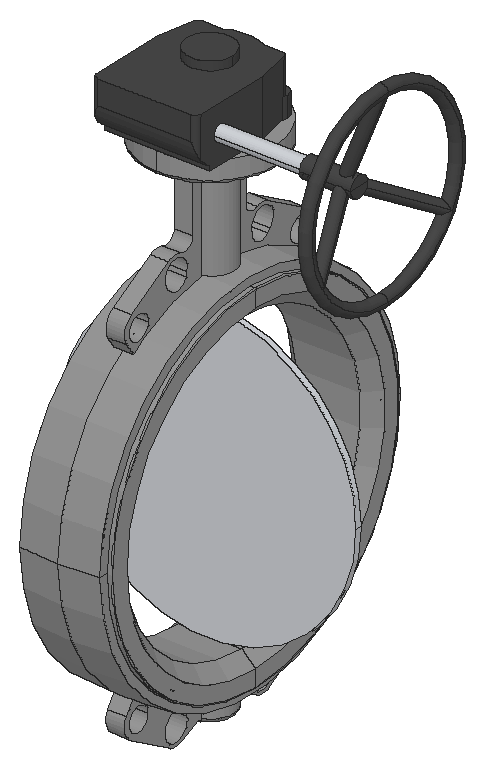
Revit family "Запорно-регулирующая заслонка с ручным редукторным приводом ZF-4219", category Rohrzubehör, Revit 2021 (continued)
Automatic sketch dimensions
  Extrusion 8 sketch curve to Extrusion 8 sketch curve = 29.859 mm
  Extrusion 8 sketch curve to Extrusion 8 sketch curve = 11.576 mm
  Extrusion 8 sketch curve to Extrusion 8 sketch curve = 0.007 mm  (x2)
  Extrusion 8 sketch curve to Extrusion 8 sketch curve = 11.662 mm  (x2)
  Extrusion 8 sketch curve to Extrusion 8 sketch curve = 7.405 mm
  Extrusion 8 sketch curve to Extrusion 8 sketch curve = 9.76 mm  (x2)
  Extrusion 8 sketch curve to Extrusion 8 sketch curve = 46.144 mm
  Extrusion 8 sketch curve to Extrusion 8 sketch curve = 0.006 mm
  Extrusion 8 sketch curve to Extrusion 8 sketch curve = 0.159 mm  (x2)
  Extrusion 8 sketch curve to Extrusion 8 sketch curve = 0.225 mm  (x2)
  Extrusion 8 sketch curve to Extrusion 8 sketch curve = 3.156 mm
  Extrusion 7 sketch curve to Extrusion 7 sketch curve = 0 mm  (x29)
  Extrusion 7 sketch curve to level = 0 mm
  Extrusion 7 sketch curve to plane 1 "Mitte (Vorne/hinten)" = 0 mm
  Extrusion 7 sketch curve to Extrusion 7 sketch curve = 4.987 mm  (x2)
  plane 1 "Mitte (Vorne/hinten)" to Extrusion 7 sketch curve = 42.642 mm
  Extrusion 7 sketch curve to Extrusion 7 sketch curve = 3.28 mm  (x2)
  Extrusion 7 sketch curve to Extrusion 7 sketch curve = 14.935 mm  (x2)
  Extrusion 7 sketch curve to Extrusion 7 sketch curve = 11.589 mm  (x2)
  Extrusion 7 sketch curve to Extrusion 7 sketch curve = 14.868 mm  (x2)
  Extrusion 7 sketch curve to Extrusion 7 sketch curve = 33.628 mm  (x4)
  Extrusion 7 sketch curve to Extrusion 7 sketch curve = 3.946 mm  (x4)
  Extrusion 7 sketch curve to Extrusion 7 sketch curve = 12.021 mm  (x8)
  Extrusion 7 sketch curve to Extrusion 7 sketch curve = 8.075 mm  (x8)
  plane 1 "Mitte (Vorne/hinten)" to Extrusion 7 sketch curve = 21.03 mm
  Extrusion 7 sketch curve to Extrusion 7 sketch curve = 5.5 mm
  Extrusion 7 sketch curve to Extrusion 7 sketch curve = 0.54 mm  (x2)
  Extrusion 7 sketch curve to Extrusion 7 sketch curve = 0.103 mm
  Extrusion 7 sketch curve to Extrusion 7 sketch curve = 1.99 mm  (x2)
  plane 1 "Mitte (Vorne/hinten)" to Extrusion 7 sketch curve = 18.5 mm
  Extrusion 7 sketch curve to plane 1 "Mitte (Vorne/hinten)" = 18.5 mm  (x2)
  Extrusion 7 sketch curve to Extrusion 7 sketch curve = 1.897 mm
  Extrusion 7 sketch curve to Extrusion 7 sketch curve = 2 mm
  Extrusion 7 sketch curve to Extrusion 7 sketch curve = 21.612 mm
  Extrusion 7 sketch curve to level = 59.454 mm  (x2)
  Extrusion 7 sketch curve to Extrusion 7 sketch curve = 10.049 mm  (x4)
  Extrusion 7 sketch curve to Extrusion 7 sketch curve = 20.666 mm  (x2)
  Extrusion 7 sketch curve to Extrusion 7 sketch curve = 1.725 mm  (x2)
  Extrusion 7 sketch curve to Extrusion 7 sketch curve = 12.438 mm  (x4)
  level to Extrusion 7 sketch curve = 59.454 mm  (x2)
  Extrusion 7 sketch curve to Extrusion 7 sketch curve = 15.768 mm  (x2)
  Extrusion 7 sketch curve to Extrusion 7 sketch curve = 0.361 mm  (x2)
  Extrusion 7 sketch curve to Extrusion 7 sketch curve = 69.242 mm
  Extrusion 7 sketch curve to Extrusion 7 sketch curve = 0.014 mm
  Extrusion 7 sketch curve to Extrusion 7 sketch curve = 0.29 mm  (x2)
  Extrusion 6 sketch curve to Extrusion 6 sketch curve = 0 mm  (x31)
  Extrusion 6 sketch curve to level = 0 mm
  Extrusion 6 sketch curve to plane 1 "Mitte (Vorne/hinten)" = 0 mm
  plane 1 "Mitte (Vorne/hinten)" to Extrusion 6 sketch curve = 18.5 mm  (x2)
  Extrusion 6 sketch curve to Extrusion 6 sketch curve = 1.897 mm  (x2)
  Extrusion 6 sketch curve to Extrusion 6 sketch curve = 2 mm
  Extrusion 6 sketch curve to Extrusion 6 sketch curve = 4.154 mm  (x2)
  Extrusion 6 sketch curve to Extrusion 6 sketch curve = 5.603 mm
  Extrusion 6 sketch curve to Extrusion 6 sketch curve = 12 mm  (x2)
  Extrusion 6 sketch curve to Extrusion 6 sketch curve = 21.682 mm  (x2)
  Extrusion 6 sketch curve to Extrusion 6 sketch curve = 2.182 mm  (x2)
  Extrusion 6 sketch curve to Extrusion 6 sketch curve = 11.109 mm  (x4)
  Extrusion 6 sketch curve to Extrusion 6 sketch curve = 30.529 mm  (x4)
  Extrusion 6 sketch curve to Extrusion 6 sketch curve = 4.781 mm  (x4)
  Extrusion 6 sketch curve to Extrusion 6 sketch curve = 1.414 mm  (x8)
  Extrusion 6 sketch curve to Extrusion 6 sketch curve = 7.24 mm  (x8)
  Extrusion 6 sketch curve to Extrusion 6 sketch curve = 12.021 mm  (x8)
  Extrusion 6 sketch curve to plane 1 "Mitte (Vorne/hinten)" = 18.5 mm
  Extrusion 6 sketch curve to Extrusion 6 sketch curve = 7.5 mm
  Extrusion 6 sketch curve to Extrusion 6 sketch curve = 0.103 mm
  Extrusion 6 sketch curve to level = 50.036 mm  (x2)
  Extrusion 6 sketch curve to Extrusion 6 sketch curve = 17.112 mm  (x2)
  Extrusion 6 sketch curve to Extrusion 6 sketch curve = 9.185 mm  (x4)
  Extrusion 6 sketch curve to Extrusion 6 sketch curve = 20.608 mm  (x2)
  Extrusion 6 sketch curve to Extrusion 6 sketch curve = 12.868 mm  (x3)
  Extrusion 6 sketch curve to Extrusion 6 sketch curve = 9.096 mm  (x2)
  level to Extrusion 6 sketch curve = 50.036 mm  (x2)
  Extrusion 6 sketch curve to Extrusion 6 sketch curve = 17 mm
  Extrusion 6 sketch curve to Extrusion 6 sketch curve = 56.845 mm
  Extrusion 6 sketch curve to Extrusion 6 sketch curve = 0.017 mm
  Extrusion 6 sketch curve to Extrusion 6 sketch curve = 0.29 mm  (x2)
  Extrusion 5 sketch curve to Extrusion 5 sketch curve = 0 mm  (x25)
  Extrusion 5 sketch curve to level = 0 mm
  Extrusion 5 sketch curve to plane 1 "Mitte (Vorne/hinten)" = 0 mm
  plane 1 "Mitte (Vorne/hinten)" to Extrusion 5 sketch curve = 18.5 mm  (x2)
  Extrusion 5 sketch curve to Extrusion 5 sketch curve = 0.579 mm  (x2)
  Extrusion 5 sketch curve to Extrusion 5 sketch curve = 1.897 mm  (x2)
  Extrusion 5 sketch curve to Extrusion 5 sketch curve = 0.103 mm
  Extrusion 5 sketch curve to Extrusion 5 sketch curve = 5.603 mm
  Extrusion 5 sketch curve to Extrusion 5 sketch curve = 15.942 mm  (x4)
  Extrusion 5 sketch curve to Extrusion 5 sketch curve = 13 mm  (x2)
  Extrusion 5 sketch curve to Extrusion 5 sketch curve = 11.367 mm  (x4)
  Extrusion 5 sketch curve to Extrusion 5 sketch curve = 25.663 mm  (x4)
  Extrusion 5 sketch curve to Extrusion 5 sketch curve = 4.027 mm  (x4)
  Extrusion 5 sketch curve to Extrusion 5 sketch curve = 12.021 mm  (x5)
  Extrusion 5 sketch curve to Extrusion 5 sketch curve = 9.55 mm  (x4)
  Extrusion 5 sketch curve to Extrusion 5 sketch curve = 7.5 mm
  Extrusion 5 sketch curve to plane 1 "Mitte (Vorne/hinten)" = 18.5 mm  (x2)
  Extrusion 5 sketch curve to Extrusion 5 sketch curve = 2 mm
  Extrusion 5 sketch curve to level = 38.887 mm  (x2)
  Extrusion 5 sketch curve to Extrusion 5 sketch curve = 10.986 mm  (x3)
  Extrusion 5 sketch curve to Extrusion 5 sketch curve = 10.231 mm  (x3)
  Extrusion 5 sketch curve to Extrusion 5 sketch curve = 10.467 mm  (x4)
  Extrusion 5 sketch curve to Extrusion 5 sketch curve = 12.18 mm  (x2)
  Extrusion 5 sketch curve to Extrusion 5 sketch curve = 12.641 mm  (x4)
  Extrusion 5 sketch curve to Extrusion 5 sketch curve = 9.983 mm  (x2)
  level to Extrusion 5 sketch curve = 38.887 mm  (x2)
  Extrusion 5 sketch curve to Extrusion 5 sketch curve = 21.217 mm
  Extrusion 5 sketch curve to Extrusion 5 sketch curve = 16.969 mm  (x2)
  Extrusion 5 sketch curve to Extrusion 5 sketch curve = 51.117 mm
  Extrusion 5 sketch curve to Extrusion 5 sketch curve = 0.01 mm
  Extrusion 5 sketch curve to Extrusion 5 sketch curve = 0.29 mm  (x2)
  level to Extrusion 5 sketch curve = 49.873 mm
  Extrusion 4 sketch curve to Extrusion 4 sketch curve = 0 mm  (x28)
  Extrusion 4 sketch curve to level = 0 mm
  Extrusion 4 sketch curve to plane 1 "Mitte (Vorne/hinten)" = 0 mm
  plane 1 "Mitte (Vorne/hinten)" to Extrusion 4 sketch curve = 18.5 mm  (x2)
  Extrusion 4 sketch curve to Extrusion 4 sketch curve = 1.897 mm  (x2)
  Extrusion 4 sketch curve to Extrusion 4 sketch curve = 0.103 mm  (x2)
  Extrusion 4 sketch curve to Extrusion 4 sketch curve = 5.603 mm  (x2)
  Extrusion 4 sketch curve to Extrusion 4 sketch curve = 12.115 mm  (x4)
  Extrusion 4 sketch curve to Extrusion 4 sketch curve = 9 mm  (x2)
  Extrusion 4 sketch curve to Extrusion 4 sketch curve = 11.39 mm  (x2)
  Extrusion 4 sketch curve to Extrusion 4 sketch curve = 7.005 mm  (x2)
  Extrusion 4 sketch curve to Extrusion 4 sketch curve = 22.772 mm  (x4)
  Extrusion 4 sketch curve to Extrusion 4 sketch curve = 4.597 mm  (x4)
  Extrusion 4 sketch curve to Extrusion 4 sketch curve = 1.485 mm  (x4)
  Extrusion 4 sketch curve to Extrusion 4 sketch curve = 12.021 mm  (x4)
  Extrusion 4 sketch curve to Extrusion 4 sketch curve = 9.247 mm  (x4)
  Extrusion 4 sketch curve to plane 1 "Mitte (Vorne/hinten)" = 18.5 mm  (x2)
  Extrusion 4 sketch curve to level = 31.935 mm  (x2)
  Extrusion 4 sketch curve to Extrusion 4 sketch curve = 1.34 mm  (x4)
  Extrusion 4 sketch curve to Extrusion 4 sketch curve = 10.245 mm  (x4)
  Extrusion 4 sketch curve to Extrusion 4 sketch curve = 9.866 mm  (x4)
  Extrusion 4 sketch curve to Extrusion 4 sketch curve = 9.447 mm  (x4)
  Extrusion 4 sketch curve to Extrusion 4 sketch curve = 11.077 mm  (x4)
  Extrusion 4 sketch curve to Extrusion 4 sketch curve = 11.926 mm  (x2)
  level to Extrusion 4 sketch curve = 31.935 mm  (x2)
  Extrusion 4 sketch curve to Extrusion 4 sketch curve = 12.62 mm  (x2)
  Extrusion 4 sketch curve to Extrusion 4 sketch curve = 12.99 mm  (x2)
  Extrusion 4 sketch curve to Extrusion 4 sketch curve = 41.354 mm
  Extrusion 4 sketch curve to Extrusion 4 sketch curve = 0.018 mm
  Extrusion 4 sketch curve to Extrusion 4 sketch curve = 0.29 mm  (x2)
  Extrusion 3 sketch curve to Extrusion 3 sketch curve = 0 mm  (x23)
  Extrusion 3 sketch curve to level = 0 mm
  Extrusion 3 sketch curve to plane 1 "Mitte (Vorne/hinten)" = 0 mm
  plane 1 "Mitte (Vorne/hinten)" to Extrusion 3 sketch curve = 18 mm
  Extrusion 3 sketch curve to Extrusion 3 sketch curve = 1.897 mm  (x2)
  Extrusion 3 sketch curve to Extrusion 3 sketch curve = 0.103 mm  (x2)
  plane 1 "Mitte (Vorne/hinten)" to Extrusion 3 sketch curve = 22.391 mm
  Extrusion 3 sketch curve to Extrusion 3 sketch curve = 1.414 mm  (x14)
  Extrusion 3 sketch curve to Extrusion 3 sketch curve = 6.103 mm  (x2)
  Extrusion 3 sketch curve to Extrusion 3 sketch curve = 2 mm  (x2)
  Extrusion 3 sketch curve to Extrusion 3 sketch curve = 7.709 mm  (x4)
  Extrusion 3 sketch curve to Extrusion 3 sketch curve = 13.318 mm  (x5)
  Extrusion 3 sketch curve to Extrusion 3 sketch curve = 15.842 mm  (x5)
  Extrusion 3 sketch curve to Extrusion 3 sketch curve = 10.233 mm
  Extrusion 3 sketch curve to Extrusion 3 sketch curve = 3.184 mm  (x7)
  Extrusion 3 sketch curve to Extrusion 3 sketch curve = 6.315 mm  (x8)
  Extrusion 3 sketch curve to Extrusion 3 sketch curve = 3.021 mm  (x4)
  Extrusion 3 sketch curve to Extrusion 3 sketch curve = 5.303 mm  (x8)
  Extrusion 3 sketch curve to level = 23.805 mm  (x2)
  Extrusion 3 sketch curve to Extrusion 3 sketch curve = 3.106 mm  (x6)
  level to Extrusion 3 sketch curve = 23.805 mm  (x2)
  Extrusion 3 sketch curve to Extrusion 3 sketch curve = 6.654 mm  (x4)
  Extrusion 3 sketch curve to Extrusion 3 sketch curve = 9.77 mm  (x4)
  Extrusion 3 sketch curve to plane 1 "Mitte (Vorne/hinten)" = 18 mm
  Extrusion 3 sketch curve to plane 1 "Mitte (Vorne/hinten)" = 22.391 mm
  Extrusion 3 sketch curve to Extrusion 3 sketch curve = 5.708 mm  (x2)
  Extrusion 3 sketch curve to Extrusion 3 sketch curve = 3.131 mm
  level to Extrusion 3 sketch curve = 42.831 mm
  Extrusion 3 sketch curve to Extrusion 3 sketch curve = 4.045 mm
  Extrusion 3 sketch curve to Extrusion 3 sketch curve = 12.379 mm
  Extrusion 3 sketch curve to Extrusion 3 sketch curve = 68.43 mm
  Extrusion 3 sketch curve to Extrusion 3 sketch curve = 0.003 mm
  Extrusion 3 sketch curve to Extrusion 3 sketch curve = 0.316 mm  (x2)
  curve 12 to level = 0 mm
  curve 12 to plane 3 "Mitte (Links/rechts)" = 0 mm
  plane 1 "Mitte (Vorne/hinten)" to curve 6 = 0 mm
  curve 6 to plane 3 "Mitte (Links/rechts)" = 0 mm
  Revolve 1 sketch curve to plane 1 "Mitte (Vorne/hinten)" = 0 mm
  Revolve 1 sketch curve to Revolve 1 sketch curve = 0.987 mm
  Revolve 1 sketch curve to Revolve 1 sketch curve = 1.5 mm  (x4)
  Revolve 1 sketch curve to Revolve 1 sketch curve = 0.513 mm
  Revolve 1 sketch curve to Revolve 1 sketch curve = 0.915 mm  (x2)
  Revolve 1 sketch curve to Revolve 1 sketch curve = 1978.5 mm  (x2)
  Revolve 11 sketch curve to plane 1 "Mitte (Vorne/hinten)" = 0 mm  (x2)
  Revolve 11 sketch curve to Revolve 11 sketch curve = 3 mm
  Revolve 11 sketch curve to Revolve 11 sketch curve = 459.992 mm
  level to Revolve 11 sketch curve = 2741.474 mm
  Revolve 12 sketch curve to plane 1 "Mitte (Vorne/hinten)" = 0 mm  (x3)
  Revolve 12 sketch curve to Revolve 12 sketch curve = 1.895 mm
  Revolve 12 sketch curve to Revolve 12 sketch curve = 2 mm  (x2)
  Revolve 12 sketch curve to Revolve 12 sketch curve = 0.105 mm
  Revolve 12 sketch curve to level = 520.992 mm
  Revolve 12 sketch curve to Revolve 12 sketch curve = 2616.474 mm
  Revolve 13 sketch curve to level = 0 mm
  Revolve 13 sketch curve to Revolve 13 sketch curve = 1.492 mm
  Revolve 13 sketch curve to Revolve 13 sketch curve = 0.18 mm  (x2)
  Revolve 13 sketch curve to Revolve 13 sketch curve = 5.027 mm
  Revolve 13 sketch curve to Revolve 13 sketch curve = 1 mm
  Revolve 13 sketch curve to Revolve 13 sketch curve = 0.999 mm  (x2)
  Revolve 13 sketch curve to Revolve 13 sketch curve = 0.27 mm
  Revolve 13 sketch curve to Revolve 13 sketch curve = 0.957 mm
  Revolve 13 sketch curve to Revolve 13 sketch curve = 1328.99 mm
  Revolve 13 sketch curve to Revolve 13 sketch curve = 1875.983 mm
  Extrusion 14 sketch curve to level = 0 mm
  Extrusion 14 sketch curve to plane 3 "Mitte (Links/rechts)" = 0 mm
  radius of Extrusion 10 sketch curve = 12 mm  (x4)
  radius of Extrusion 9 sketch curve = 9.5 mm  (x4)
  radius of Extrusion 9 sketch curve = 14 mm  (x4)
  radius of Extrusion 7 sketch curve = 11.5 mm  (x4)
  radius of Extrusion 7 sketch curve = 9.5 mm  (x4)
  radius of Extrusion 6 sketch curve = 9.5 mm  (x8)
  radius of Extrusion 5 sketch curve = 9.5 mm  (x8)
  radius of Extrusion 4 sketch curve = 9.5 mm  (x8)
  radius of curve 12 = 7 mm
  radius of curve 6 = 5 mm
Nested families
  nested 1: "Herz-Logo-vorne" at (-23, 0, 197.5), type "Herz-Logo-vorne"
  nested 2: "Getriebe für Klappe DN50-DN200" at (0, 0, 125), visible <- "DN 50", type "Getriebe für Klappe DN50-DN200"
  nested 3: "Getriebe für Klappe DN50-DN200" at (0, 0, 149.5), visible <- "DN 65", type "Getriebe für Klappe DN50-DN200"
  nested 4: "Getriebe für Klappe DN50-DN200" at (0, 0, 156.5), visible <- "DN 80", type "Getriebe für Klappe DN50-DN200"
  nested 5: "Getriebe für Klappe DN50-DN200" at (0, 0, 182), visible <- "DN100", type "Getriebe für Klappe DN50-DN200"
  nested 6: "Getriebe für Klappe DN50-DN200" at (0, 0, 201), visible <- "DN125", type "Getriebe für Klappe DN50-DN200"
  nested 7: "Getriebe für Klappe DN50-DN200" at (0, 0, 214), visible <- "DN150", type "Getriebe für Klappe DN50-DN200"
  nested 8: "Getriebe für Klappe DN50-DN200" at (0, 0, 245), visible <- "DN200", type "Getriebe für Klappe DN50-DN200"
  nested 9: "Getriebe für Klappe DN250-DN300" at (0, 0, 283), visible <- "DN250", type "Getriebe für Klappe DN250-DN300"
  nested 10: "Getriebe für Klappe DN250-DN300" at (0, 0, 308), visible <- "DN300", type "Getriebe für Klappe DN250-DN300"
Connectors
  piping at (44.7, 0, 0), diameter 300, driven by "Nennweite"
    settings: on Revolve 13, index 1, connector inside diameter 609.6 mm, connector length 0 mm, flow factor 0, pipe flow 0.0 L/s, pressure drop 0.0 Pa, fitting loss kfactor 0, connector angle 0.00°, fixture units 0, engagement length 0 mm, angle of deflection 0.00°, flow configuration 0, flow direction 0, fitting loss method 0, system type 29, joint type 0, gender type 0, connector reference index -1, connector utility 0, adjustable connector no, is connector primary yes, connector description ""
  piping at (-44.7, 0, 0), diameter 300, driven by "Nennweite"
    settings: on Revolve 13, index 2, connector inside diameter 609.6 mm, connector length 0 mm, flow factor 0, pipe flow 0.0 L/s, pressure drop 0.0 Pa, fitting loss kfactor 0, connector angle 0.00°, fixture units 0, engagement length 0 mm, angle of deflection 0.00°, flow configuration 0, flow direction 0, fitting loss method 0, system type 29, joint type 0, gender type 0, connector reference index -1, connector utility 0, adjustable connector no, is connector primary no, connector description ""
Definition of nested family "Herz-Logo-vorne"
  Parameters (values of type "Herz-Logo-vorne")
    Default Elevation = 0 mm
  Reference planes
    plane 1 "Mitte (Vorne/hinten)": y = 0
    plane 2: z = 0
    plane 3 "Mitte (Links/rechts)": x = 0
  Forms (mm)
    Extrusion 1, solid
      sketch origin (0.732, -0.018, 0.017) x (0, -1, 0) y (0, 0, 1)
        loop
          line (-0.018, -4.517) -> (4.482, -4.517) -> (4.482, 4.483) -> (-4.518, 4.483) -> (-4.518, -4.517) -> (-0.018, -4.517)
        loop
          line (-0.05, -3.48) -> (3.482, -3.48) -> (3.482, 3.483) -> (-3.518, 3.483) -> (-3.518, -3.48) -> (-0.05, -3.48)
        loop
          arc (-0.018, 2.383) -> (-1.543, 3.287) -> (-3.067, 2.383) r 1.738
          arc (-3.067, 2.383) -> (-3.191, 1.899) -> (-3.067, 1.415) r 1.009
          line (-3.067, 1.415) -> (-0.018, -3.281) -> (3.032, 1.415)
          arc (3.032, 1.415) -> (3.156, 1.899) -> (3.032, 2.383) r 1.009
          arc (3.032, 2.383) -> (1.507, 3.287) -> (-0.018, 2.383) r 1.738
        loop
          arc (1.885, 1.272) -> (2.005, 1.675) -> (1.885, 2.079) r 0.74
          arc (1.885, 2.079) -> (1.265, 2.416) -> (0.644, 2.079) r 0.74
          line (0.644, 2.079) -> (-0.018, 0.97) -> (-0.679, 2.079)
          arc (-0.679, 2.079) -> (-1.3, 2.416) -> (-1.921, 2.079) r 0.74
          arc (-1.921, 2.079) -> (-2.04, 1.675) -> (-1.921, 1.272) r 0.74
          line (-1.921, 1.272) -> (-0.018, -1.658) -> (1.885, 1.272)
      from 0 to 1.5
  Dimensions and locks
    aligned and locked: level to plane 2
Definition of nested family "Getriebe für Klappe DN50-DN200"
  Parameters (values of type "Getriebe für Klappe DN50-DN200")
    W01 = 11.19°  # constant formula
    Default Elevation = 0 mm
    URL = "www.herz-armaturen.at"
    R07 = 92 mm  # constant formula
    R06 = 6 mm  # constant formula
    R05 = 10 mm  # constant formula
    R04 = 7.5 mm  # constant formula
    R03 = 10.5 mm  # constant formula
    R02 = 5.4 mm  # constant formula
    R01 = 44.9 mm  # constant formula
    M01 = 37 mm  # constant formula
    L03 = 52 mm  # constant formula
    L02 = 39.6 mm  # constant formula
    L01 = 80 mm  # constant formula
    Manufacturer = "Herz-Armaturen GmbH"  # constant formula
    H03 = 28.6 mm  # constant formula
    H02 = 20 mm  # constant formula
    H01 = 54 mm  # constant formula
    B05 = 209 mm  # constant formula
    B04 = 22 mm  # constant formula
    B03 = 50 mm  # constant formula
    B02 = 159 mm  # constant formula
    B01 = 51 mm  # constant formula
    A01 = 28.6 mm  # constant formula
  Reference planes
    plane 1 "Mitte (Vorne/hinten)": y = 0
    plane 2: z = 0
    plane 3 "Mitte (Links/rechts)": x = 0
  Forms (mm)
    Extrusion 1, solid, detail levels fine
      sketch origin (0, 0, 0) x (1, 0, 0) y (0, 1, 0)
        loop
          line (51, 0) -> (43.999, 35.392)
          arc (43.999, 35.392) -> (42.103, 38.419) -> (38.732, 39.6) r 5.4
          line (38.732, 39.6) -> (20.252, 39.6)
          arc (20.252, 39.6) -> (0, 44.427) -> (-20.252, 39.6) r 44.9
          line (-20.252, 39.6) -> (-38.732, 39.6)
          arc (-38.732, 39.6) -> (-42.103, 38.419) -> (-43.999, 35.392) r 5.4
          line (-43.999, 35.392) -> (-51, 0) -> (-51, -74.6)
          arc (-51, -74.6) -> (-49.418, -78.418) -> (-45.6, -80) r 5.4
          line (-45.6, -80) -> (45.6, -80)
          arc (45.6, -80) -> (49.418, -78.418) -> (51, -74.6) r 5.4
          line (51, -74.6) -> (51, 0)
      from 0 to 54
    Extrusion 2, solid, detail levels fine
      sketch origin (0, 0, 0) x (1, 0, 0) y (0, 1, 0)
        loop
          circle (-35.7, 37) r 10.5
        loop
          circle (35.7, 37) r 10.5
      from 0 to 20
    Extrusion 3, void
      sketch origin (0, 0, 0) x (0, 1, 0) y (0, 0, 1)
        loop
          line (-80, 0) -> (-64.573, 0) -> (-64.573, 4.9)
          arc (-64.573, 4.9) -> (-75.841, 15.433) -> (-80, 30.286) r 28.6
          line (-80, 30.286) -> (-80, 0)
      from -51 to 51
    Revolve 4, solid, detail levels fine
      sketch origin (0, 0, 28.6) x (1, 0, 0) y (0, 1, 0)
        loop
          line (0, -52) -> (0, -59.5) -> (159, -59.5) -> (159, -52) -> (0, -52)
        axis (0, -52) -> (159, -52)
      angle from 0 to 360
    Extrusion 5, solid, detail levels fine
      sketch origin (0, 0, 0) x (1, 0, 0) y (0, 1, 0)
        loop
          circle (0, 0) r 22.3
      from 54 to 63
    Revolve 6, solid, detail levels fine
      sketch origin (0, -52, 28.6) x (1, 0, 0) y (0, 0, 1)
        loop
          circle (209, 92) r 6
        axis (203, 0) -> (215, 0)
      angle from 0 to 360
    Revolve 7, solid, detail levels fine
      sketch origin (0, -52, 0) x (1, 0, 0) y (0, 0, 1)
        loop
          line (209, 120.6) -> (172, 28.6) -> (177.567, 26.361) -> (214.567, 118.361) -> (209, 120.6)
        axis (172, 28.6) -> (209, 120.6)
      angle from 0 to 360
    Revolve 8, solid, detail levels fine
      sketch origin (0, 0, 28.6) x (1, 0, 0) y (0, 1, 0)
        loop
          line (137, -59.5) -> (137, -62) -> (187, -62) -> (187, -52) -> (159, -52) -> (159, -59.5) -> (137, -59.5)
        axis (137, -52) -> (187, -52)
      angle from 0 to 360
    Revolve 9, solid, detail levels fine
      sketch origin (0, -27.232, 42.9) x (1, 0, 0) y (0, -0.866025, -0.5)
        loop
          line (209, 120.6) -> (172, 28.6) -> (177.567, 26.361) -> (214.567, 118.361) -> (209, 120.6)
        axis (172, 28.6) -> (209, 120.6)
      angle from 0 to 360
    Revolve 10, solid, detail levels fine
      sketch origin (0, -76.768, 42.9) x (1, 0, 0) y (0, 0.866025, -0.5)
        loop
          line (209, 120.6) -> (172, 28.6) -> (177.567, 26.361) -> (214.567, 118.361) -> (209, 120.6)
        axis (172, 28.6) -> (209, 120.6)
      angle from 0 to 360
  Cuts and joins
    Extrusion 3 cuts Extrusion 1
  Dimensions and locks
    "B01": Extrusion 1 sketch curve to plane 3 "Mitte (Links/rechts)"
    "B01": plane 3 "Mitte (Links/rechts)" to Extrusion 1 sketch curve
    "L02": plane 1 "Mitte (Vorne/hinten)" to Extrusion 1 sketch curve  (x2)
    "L01": Extrusion 1 sketch curve to plane 1 "Mitte (Vorne/hinten)"
    "M01": plane 1 "Mitte (Vorne/hinten)" to Extrusion 2 sketch curve  (x2)
    "H01": Extrusion 1 to plane 2
    "H02": Extrusion 2 to plane 2
    "L03": Revolve 4 sketch curve to plane 1 "Mitte (Vorne/hinten)"
    "R04": Revolve 4 sketch curve to Revolve 4 sketch curve
    "B02": Revolve 4 sketch curve to Revolve 4 sketch curve
    "H03": Revolve 8 to plane 2
    "H03": Revolve 4 to plane 2
    "L03": Revolve 8 sketch curve to plane 1 "Mitte (Vorne/hinten)"
    "B02": plane 3 "Mitte (Links/rechts)" to Revolve 8 sketch curve
    "R05": Revolve 8 sketch curve to Revolve 8 sketch curve
    "B03": Revolve 8 sketch curve to Revolve 8 sketch curve
    "B04": Revolve 8 sketch curve to Revolve 8 sketch curve
    "R04": Revolve 8 sketch curve to Revolve 8 sketch curve
    "B05": Revolve 6 sketch curve to plane 3 "Mitte (Links/rechts)"
    "R07": Revolve 6 sketch curve to Revolve 6 sketch curve
    "A01": plane 2 to Revolve 6 sketch curve
    "R02": radius of Extrusion 1 sketch curve  (x4)
    "R01": radius of Extrusion 1 sketch curve
    "R03": radius of Extrusion 2 sketch curve  (x2)
    "R06": radius of Revolve 6 sketch curve
    "W01": angle Extrusion 1 sketch curve to Extrusion 1 sketch curve  (x2)
    aligned and locked: level to plane 2
  Automatic sketch dimensions
    Extrusion 3 sketch curve to level = 0 mm
    plane 1 "Mitte (Vorne/hinten)" to Extrusion 3 sketch curve = 80 mm
    Extrusion 3 sketch curve to Extrusion 3 sketch curve = 15.427 mm
    Extrusion 3 sketch curve to Extrusion 3 sketch curve = 13.173 mm
    level to Extrusion 3 sketch curve = 4.9 mm
    plane 1 "Mitte (Vorne/hinten)" to Extrusion 5 sketch curve = 0 mm
    Extrusion 5 sketch curve to plane 3 "Mitte (Links/rechts)" = 0 mm
    level to Revolve 7 sketch curve = 28.6 mm  (x2)
    plane 3 "Mitte (Links/rechts)" to Revolve 7 sketch curve = 172 mm
    level to Revolve 7 sketch curve = 26.361 mm
    Revolve 7 sketch curve to Revolve 7 sketch curve = 5.567 mm
    level to Revolve 7 sketch curve = 120.6 mm
    Revolve 7 sketch curve to Revolve 7 sketch curve = 0 mm  (x3)
    plane 3 "Mitte (Links/rechts)" to Revolve 10 sketch curve = 172 mm
    Revolve 10 sketch curve to Revolve 10 sketch curve = 5.567 mm
    Revolve 10 sketch curve to Revolve 10 sketch curve = 37 mm
    Revolve 10 sketch curve to Revolve 10 sketch curve = 2.239 mm
    Revolve 10 sketch curve to Revolve 10 sketch curve = 0 mm  (x4)
    plane 3 "Mitte (Links/rechts)" to Revolve 9 sketch curve = 172 mm
    Revolve 9 sketch curve to Revolve 9 sketch curve = 5.567 mm
    Revolve 9 sketch curve to Revolve 9 sketch curve = 37 mm
    Revolve 9 sketch curve to Revolve 9 sketch curve = 2.239 mm
    Revolve 9 sketch curve to Revolve 9 sketch curve = 0 mm  (x4)
    Extrusion 1 sketch curve to plane 3 "Mitte (Links/rechts)" = 0 mm
    plane 1 "Mitte (Vorne/hinten)" to Extrusion 1 sketch curve = 0 mm  (x2)
    Extrusion 1 sketch curve to plane 1 "Mitte (Vorne/hinten)" = 35.392 mm
    Extrusion 1 sketch curve to Extrusion 1 sketch curve = 18.48 mm  (x2)
    Extrusion 2 sketch curve to plane 3 "Mitte (Links/rechts)" = 35.7 mm
    plane 3 "Mitte (Links/rechts)" to Extrusion 2 sketch curve = 35.7 mm
    Revolve 4 sketch curve to plane 3 "Mitte (Links/rechts)" = 0 mm  (x2)
    Revolve 4 sketch curve to Revolve 4 sketch curve = 0 mm  (x2)
    Revolve 6 sketch curve to plane 3 "Mitte (Links/rechts)" = 1506.53 mm
    Revolve 6 sketch curve to Revolve 6 sketch curve = 1630.148 mm
    Revolve 8 sketch curve to Revolve 8 sketch curve = 7.5 mm
    Revolve 8 sketch curve to Revolve 8 sketch curve = 0 mm  (x2)
    radius of Extrusion 5 sketch curve = 22.3 mm
Definition of nested family "Getriebe für Klappe DN250-DN300"
  Parameters (values of type "Getriebe für Klappe DN250-DN300")
    W01 = 11.19°  # constant formula
    Default Elevation = 0 mm
    URL = "www.herz-armaturen.at"
    R07 = 92 mm  # constant formula
    R06 = 6 mm  # constant formula
    R05 = 10 mm  # constant formula
    R04 = 7.5 mm  # constant formula
    R03 = 10.5 mm  # constant formula
    R02 = 5.4 mm  # constant formula
    R01 = 44.9 mm  # constant formula
    M01 = 37 mm  # constant formula
    L03 = 52 mm  # constant formula
    L02 = 39.6 mm  # constant formula
    L01 = 80 mm  # constant formula
    Manufacturer = "Herz-Armaturen GmbH"  # constant formula
    H03 = 28.6 mm  # constant formula
    H02 = 20 mm  # constant formula
    H01 = 54 mm  # constant formula
    B05 = 209 mm  # constant formula
    B04 = 22 mm  # constant formula
    B03 = 50 mm  # constant formula
    B02 = 159 mm  # constant formula
    B01 = 51 mm  # constant formula
    A01 = 28.6 mm  # constant formula
  Reference planes
    plane 1 "Mitte (Vorne/hinten)": y = 0
    plane 2: z = 0
    plane 3 "Mitte (Links/rechts)": x = 0
  Forms (mm)
    Extrusion 1, solid, detail levels fine
      sketch origin (0, 0, 0) x (1, 0, 0) y (0, 1, 0)
        loop
          line (51, 0) -> (43.999, 35.392)
          arc (43.999, 35.392) -> (42.103, 38.419) -> (38.732, 39.6) r 5.4
          line (38.732, 39.6) -> (20.252, 39.6)
          arc (20.252, 39.6) -> (0, 44.427) -> (-20.252, 39.6) r 44.9
          line (-20.252, 39.6) -> (-38.732, 39.6)
          arc (-38.732, 39.6) -> (-42.103, 38.419) -> (-43.999, 35.392) r 5.4
          line (-43.999, 35.392) -> (-51, 0) -> (-51, -74.6)
          arc (-51, -74.6) -> (-49.418, -78.418) -> (-45.6, -80) r 5.4
          line (-45.6, -80) -> (45.6, -80)
          arc (45.6, -80) -> (49.418, -78.418) -> (51, -74.6) r 5.4
          line (51, -74.6) -> (51, 0)
      from 0 to 54
    Extrusion 2, solid, detail levels fine
      sketch origin (0, 0, 0) x (1, 0, 0) y (0, 1, 0)
        loop
          circle (-35.7, 37) r 10.5
        loop
          circle (35.7, 37) r 10.5
      from 0 to 20
    Extrusion 3, void
      sketch origin (0, 0, 0) x (0, 1, 0) y (0, 0, 1)
        loop
          line (-80, 0) -> (-64.573, 0) -> (-64.573, 4.9)
          arc (-64.573, 4.9) -> (-75.841, 15.433) -> (-80, 30.286) r 28.6
          line (-80, 30.286) -> (-80, 0)
      from -51 to 51
    Revolve 4, solid, detail levels fine
      sketch origin (0, 0, 28.6) x (1, 0, 0) y (0, 1, 0)
        loop
          line (0, -52) -> (0, -59.5) -> (159, -59.5) -> (159, -52) -> (0, -52)
        axis (0, -52) -> (159, -52)
      angle from 0 to 360
    Extrusion 5, solid, detail levels fine
      sketch origin (0, 0, 0) x (1, 0, 0) y (0, 1, 0)
        loop
          circle (0, 0) r 22.3
      from 54 to 62.5
    Revolve 6, solid, detail levels fine
      sketch origin (0, -52, 28.6) x (1, 0, 0) y (0, 0, 1)
        loop
          circle (209, 92) r 6
        axis (203, 0) -> (215, 0)
      angle from 0 to 360
    Revolve 7, solid, detail levels fine
      sketch origin (0, -52, 0) x (1, 0, 0) y (0, 0, 1)
        loop
          line (209, 120.6) -> (172, 28.6) -> (177.567, 26.361) -> (214.567, 118.361) -> (209, 120.6)
        axis (172, 28.6) -> (209, 120.6)
      angle from 0 to 360
    Revolve 8, solid, detail levels fine
      sketch origin (0, 0, 28.6) x (1, 0, 0) y (0, 1, 0)
        loop
          line (137, -59.5) -> (137, -62) -> (187, -62) -> (187, -52) -> (159, -52) -> (159, -59.5) -> (137, -59.5)
        axis (137, -52) -> (187, -52)
      angle from 0 to 360
    Revolve 9, solid, detail levels fine
      sketch origin (0, -27.232, 42.9) x (1, 0, 0) y (0, -0.866025, -0.5)
        loop
          line (209, 120.6) -> (172, 28.6) -> (177.567, 26.361) -> (214.567, 118.361) -> (209, 120.6)
        axis (172, 28.6) -> (209, 120.6)
      angle from 0 to 360
    Revolve 10, solid, detail levels fine
      sketch origin (0, -76.768, 42.9) x (1, 0, 0) y (0, 0.866025, -0.5)
        loop
          line (209, 120.6) -> (172, 28.6) -> (177.567, 26.361) -> (214.567, 118.361) -> (209, 120.6)
        axis (172, 28.6) -> (209, 120.6)
      angle from 0 to 360
  Cuts and joins
    Extrusion 3 cuts Extrusion 1
  Dimensions and locks
    "B01": Extrusion 1 sketch curve to plane 3 "Mitte (Links/rechts)"
    "B01": plane 3 "Mitte (Links/rechts)" to Extrusion 1 sketch curve
    "L02": plane 1 "Mitte (Vorne/hinten)" to Extrusion 1 sketch curve  (x2)
    "L01": Extrusion 1 sketch curve to plane 1 "Mitte (Vorne/hinten)"
    "M01": plane 1 "Mitte (Vorne/hinten)" to Extrusion 2 sketch curve  (x2)
    "H01": Extrusion 1 to plane 2
    "H02": Extrusion 2 to plane 2
    "L03": Revolve 4 sketch curve to plane 1 "Mitte (Vorne/hinten)"
    "R04": Revolve 4 sketch curve to Revolve 4 sketch curve
    "B02": Revolve 4 sketch curve to Revolve 4 sketch curve
    "H03": Revolve 8 to plane 2
    "H03": Revolve 4 to plane 2
    "L03": Revolve 8 sketch curve to plane 1 "Mitte (Vorne/hinten)"
    "B02": plane 3 "Mitte (Links/rechts)" to Revolve 8 sketch curve
    "R05": Revolve 8 sketch curve to Revolve 8 sketch curve
    "B03": Revolve 8 sketch curve to Revolve 8 sketch curve
    "B04": Revolve 8 sketch curve to Revolve 8 sketch curve
    "R04": Revolve 8 sketch curve to Revolve 8 sketch curve
    "B05": Revolve 6 sketch curve to plane 3 "Mitte (Links/rechts)"
    "R07": Revolve 6 sketch curve to Revolve 6 sketch curve
    "A01": plane 2 to Revolve 6 sketch curve
    "R02": radius of Extrusion 1 sketch curve  (x4)
    "R01": radius of Extrusion 1 sketch curve
    "R03": radius of Extrusion 2 sketch curve  (x2)
    "R06": radius of Revolve 6 sketch curve
    "W01": angle Extrusion 1 sketch curve to Extrusion 1 sketch curve  (x2)
    aligned and locked: level to plane 2
  Automatic sketch dimensions
    Extrusion 3 sketch curve to level = 0 mm
    plane 1 "Mitte (Vorne/hinten)" to Extrusion 3 sketch curve = 80 mm
    Extrusion 3 sketch curve to Extrusion 3 sketch curve = 15.427 mm
    Extrusion 3 sketch curve to Extrusion 3 sketch curve = 13.173 mm
    level to Extrusion 3 sketch curve = 4.9 mm
    plane 1 "Mitte (Vorne/hinten)" to Extrusion 5 sketch curve = 0 mm
    Extrusion 5 sketch curve to plane 3 "Mitte (Links/rechts)" = 0 mm
    level to Revolve 7 sketch curve = 28.6 mm  (x2)
    plane 3 "Mitte (Links/rechts)" to Revolve 7 sketch curve = 172 mm
    level to Revolve 7 sketch curve = 26.361 mm
    Revolve 7 sketch curve to Revolve 7 sketch curve = 5.567 mm
    level to Revolve 7 sketch curve = 120.6 mm
    Revolve 7 sketch curve to Revolve 7 sketch curve = 0 mm  (x3)
    plane 3 "Mitte (Links/rechts)" to Revolve 10 sketch curve = 172 mm
    Revolve 10 sketch curve to Revolve 10 sketch curve = 5.567 mm
    Revolve 10 sketch curve to Revolve 10 sketch curve = 37 mm
    Revolve 10 sketch curve to Revolve 10 sketch curve = 2.239 mm
    Revolve 10 sketch curve to Revolve 10 sketch curve = 0 mm  (x4)
    plane 3 "Mitte (Links/rechts)" to Revolve 9 sketch curve = 172 mm
    Revolve 9 sketch curve to Revolve 9 sketch curve = 5.567 mm
    Revolve 9 sketch curve to Revolve 9 sketch curve = 37 mm
    Revolve 9 sketch curve to Revolve 9 sketch curve = 2.239 mm
    Revolve 9 sketch curve to Revolve 9 sketch curve = 0 mm  (x4)
    Extrusion 1 sketch curve to plane 3 "Mitte (Links/rechts)" = 0 mm
    plane 1 "Mitte (Vorne/hinten)" to Extrusion 1 sketch curve = 0 mm  (x2)
    Extrusion 1 sketch curve to plane 1 "Mitte (Vorne/hinten)" = 35.392 mm
    Extrusion 1 sketch curve to Extrusion 1 sketch curve = 18.48 mm  (x2)
    Extrusion 2 sketch curve to plane 3 "Mitte (Links/rechts)" = 35.7 mm
    plane 3 "Mitte (Links/rechts)" to Extrusion 2 sketch curve = 35.7 mm
    Revolve 4 sketch curve to plane 3 "Mitte (Links/rechts)" = 0 mm  (x2)
    Revolve 4 sketch curve to Revolve 4 sketch curve = 0 mm  (x2)
    Revolve 6 sketch curve to plane 3 "Mitte (Links/rechts)" = 1506.53 mm
    Revolve 6 sketch curve to Revolve 6 sketch curve = 1630.148 mm
    Revolve 8 sketch curve to Revolve 8 sketch curve = 7.5 mm
    Revolve 8 sketch curve to Revolve 8 sketch curve = 0 mm  (x2)
    radius of Extrusion 5 sketch curve = 22.3 mm
